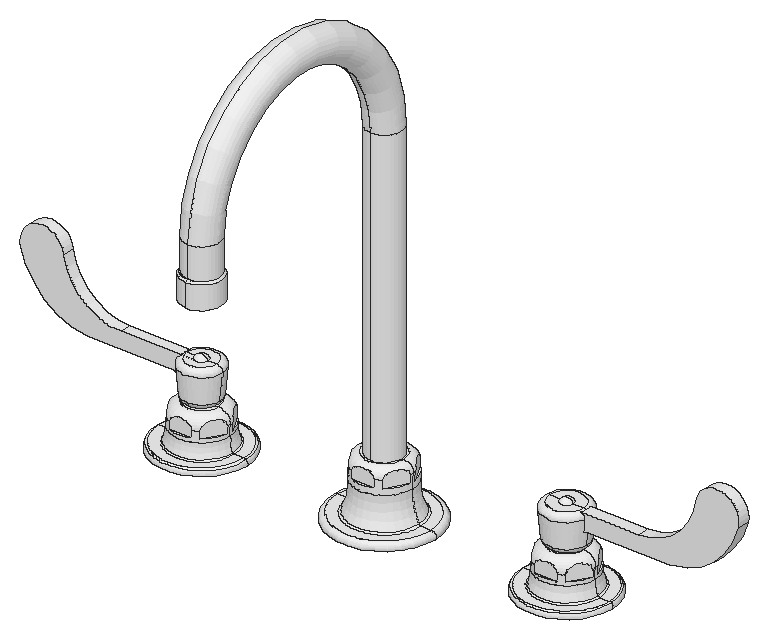
Revit family "Faucet-Lavatory-American_Standard-Monterrey-65401X5_Series", category Plumbing Fixtures, Revit 2019
Family settings
  Round Connector Dimension = Use Diameter
  Part Type = Normal
  OmniClass Number = 23.45.55.17
  OmniClass Title = Mixing Faucets
  Work Plane-Based = Yes
  Always vertical = No
  Cut with Voids When Loaded = No
  Shared = Yes
  Room Calculation Point = No
Parameters (values of type "6540175.002")
  Wrist Blade Handles = not(Lever Handle)  # yes
  Width = 15 3/4"
  Waste Connection = no
  Warranty Information = "5 Year Limited Warranty for Commercial Installations"
  WFU = 0
  Vent Connection = no
  URL = "http://www.americanstandard-us.com/"
  Product Page URL = "https://www.americanstandard-us.com/Mechanical-Commercial-Fittings/Monterrey-8-Inch-Widespread-Gooseneck-Faucet-With-Wrist-Blade-Handles-05-gpm-19-Lpm/CHROME-6540175002"
  Product Documentation Link = "https://americanstandard.box.com/shared/static/qamgblk4q7zzk73vxy4rtvw2tr365lbv.pdf"
  Price = "Prices may vary. Please consult Manufacturer Representative for most up-to-date price list."  # constant formula
  Model = "6540175.002"
  Material = "Brass-American Standard-002-Polished Chrome"
  Manufacturer = "American Standard"
  Lever Handle = no
  Length = 5"
  Installation Type = "Deck Mounted"
  IAPMO Compliance = "Vandal Resistance, ANSI 117.1, ASME A112.18.1, CSA B125.1, NSF 372"
  Hot Water Connection Width = 4"
  Hot Water Connection Radius = 1/4"
  Hot Water Connection Diameter = Hot Water Connection Radius * 2  # 1/2"
  Height = 10 5/8"
  HWFU = 1.5
  HW Connection = yes
  Flow Rate = "0.5 gpm/1.9 Lpm"
  Finish = Brass-American Standard-002-Polished Chrome
  Faucets Width = if(Lever Handle, 2 1/4", 3 7/8")  # 3 7/8"
  Description = "Monterrey® 8-Inch Widespread Gooseneck Faucet With Lever Handles 0.5 gpm/1.9 Lpm"
  Default Elevation = 0"
  Creation Date = "01/25/2021"  # constant formula
  Cold Water Connection Width = 4"
  Cold Water Connection Radius = 1/4"
  Cold Water Connection Diameter = Cold Water Connection Radius * 2  # 1/2"
  CalGreen Compliant = yes
  CWFU = 1.5
  CW Connection = yes
  CEC Compliant = yes
  Assembly Code = "D2020300"
  ADA Compliant = yes
Types (3): name | Wrist Blade Handles | Product Page URL | Model | Lever Handle | Faucets Width
  (no name) | yes | "https://www.americanstandard-us.com/Mechanical-Commercial-Fittings/Monterrey-8-Inch-Widespread-Gooseneck-Faucet-With-Wrist-Blade-Handles-05-gpm-19-Lpm/CHROME-6540175002" | "6540175.002" | no | 3 7/8"
  6540175.002 | yes | "https://www.americanstandard-us.com/Mechanical-Commercial-Fittings/Monterrey-8-Inch-Widespread-Gooseneck-Faucet-With-Wrist-Blade-Handles-05-gpm-19-Lpm/CHROME-6540175002" | "6540175.002" | no | 3 7/8"
  6540145.002 | no | "https://www.americanstandard-us.com/Mechanical-Commercial-Fittings/Monterrey-8-Inch-Widespread-Gooseneck-Faucet-With-Lever-Handles-05-gpm-19-Lpm/CHROME-6540145002" | "6540145.002" | yes | 2 1/4"
Reference planes (in)
  plane 1 "Center (Front/Back)": y = 0
  plane 2: z = 0
  plane 3 "Center (Left/Right)": x = 0
  plane 4: z = 0.17426
  plane 5: y = -0.375
  plane 6: y = -5
  plane 7: z = 10.625
  plane 8: z = 6.5
  plane 9: x = -7.875
  plane 10: x = 7.875
  plane 11: x = -4
  plane 12: x = 4
  plane 13: x = -6.25
  plane 14: x = 6.25
Forms (in)
  Sweep 1, solid, material "Brass-American Standard-002-Polished Chrome" <- "Finish"
    path origin (0, 0, -1.50506) x (0, 1, 0) y (0, 0, 1)
      loop
        line (0, 1.50506) -> (0, 9.25509)
        arc (0, 9.25509) -> (-2.5, 11.75509) -> (-5, 9.25509) r 2.5
        line (-5, 9.25509) -> (-5, 8.24965)
    profile origin (0, 0, 3.87501) x (0, -1, 0) y (1, 0, 0)
      loop
        circle (0, 0) r 0.375
  Revolve 2, solid, material "Brass-American Standard-002-Polished Chrome" <- "Finish"
    sketch origin (0, 4.5, -0.45291) x (0, 1, 0) y (0, 0, 1)
      loop
        line (-9.92726, 7.48224) -> (-9.92726, 6.98147) -> (-9.88892, 6.98147) -> (-9.86892, 6.95291) -> (-9.5, 6.95291) -> (-9.5, 7.53052) -> (-9.89345, 7.53052) -> (-9.92726, 7.48224)
      axis (-9.5, 7.53052) -> (-9.5, 6.95291)
    angle from 0 to 360
  Revolve 3, solid, material "Brass-American Standard-002-Polished Chrome" <- "Finish"
    sketch origin (0, 0, 0) x (1, 0, 0) y (0, 0, 1)
      loop
        arc (-4, 1.83383) -> (-4.07786, 1.81554) -> (-4.13264, 1.75726) r 0.13852
        line (-4.13264, 1.75726) -> (-4.32791, 1.75726)
        arc (-4.32791, 1.75726) -> (-4.42046, 1.71627) -> (-4.45232, 1.62019) r 0.125
        line (-4.45232, 1.62019) -> (-4.39778, 1.05773)
        arc (-4.39778, 1.05773) -> (-4.36565, 0.99373) -> (-4.29886, 0.96794) r 0.09938
        line (-4.29886, 0.96794) -> (-4.17228, 0.96794) -> (-4.17228, 0.93) -> (-4.37285, 0.93)
        arc (-4.37285, 0.93) -> (-4.55339, 0.85294) -> (-4.62262, 0.66927) r 0.25
        line (-4.62262, 0.66927) -> (-4.62262, 0.45123)
        arc (-4.62262, 0.45123) -> (-4.63393, 0.29335) -> (-4.67809, 0.14135) r 0.75054
        arc (-4.67809, 0.14135) -> (-4.69026, 0.12642) -> (-4.70868, 0.12081) r 0.03305
        line (-4.70868, 0.12081) -> (-4.93222, 0.12081)
        arc (-4.93222, 0.12081) -> (-4.95678, 0.11465) -> (-4.97552, 0.09763) r 0.05203
        arc (-4.97552, 0.09763) -> (-4.99619, 0.05093) -> (-5, 0) r 0.15007
        line (-5, 0) -> (-4, 0) -> (-4, 1.83383)
      axis (-4, 1.83383) -> (-4, 0)
    angle from 0 to 360
  Revolve 4, solid, material "Brass-American Standard-002-Polished Chrome" <- "Finish"
    sketch origin (0, 0, 0) x (1, 0, 0) y (0, 0, 1)
      loop
        line (0, 0) -> (0, 1.32462) -> (-0.42891, 1.32462)
        arc (-0.42891, 1.32462) -> (-0.57144, 1.26558) -> (-0.63047, 1.12306) r 0.20156
        line (-0.63047, 1.12306) -> (-0.63047, 0.82462)
        arc (-0.63047, 0.82462) -> (-0.6371, 0.48749) -> (-0.74767, 0.16894) r 1.07672
        arc (-0.74767, 0.16894) -> (-0.76643, 0.14925) -> (-0.79265, 0.142) r 0.05102
        line (-0.79265, 0.142) -> (-1.02139, 0.142)
        arc (-1.02139, 0.142) -> (-1.10807, 0.09688) -> (-1.12082, 0) r 0.10581
        line (-1.12082, 0) -> (0, 0)
      axis (0, 1.32462) -> (0, 0)
    angle from 0 to 360
  Extrusion 5, void
    sketch origin (0, 0, 0) x (1, 0, 0) y (0, 1, 0)
      loop
        line (-0.66376, 0) -> (-0.33188, -0.57483) -> (0.33188, -0.57483) -> (0.66376, 0) -> (0.33188, 0.57483) -> (-0.33188, 0.57483) -> (-0.66376, 0)
      loop
        circle (0, 0) r 0.75
    from 0.957 to 1.38415
  Extrusion 6, void
    sketch origin (0, 0, 0) x (1, 0, 0) y (0, 1, 0)
      loop
        line (-3.34125, 0) -> (-3.67062, 0.5705) -> (-4.32938, 0.5705) -> (-4.65875, 0) -> (-4.32938, -0.5705) -> (-3.67062, -0.5705) -> (-3.34125, 0)
      loop
        circle (-4, 0) r 0.70724
    from 0.93221 to 0.524
  Revolve 7, solid, material "Brass-American Standard-002-Polished Chrome" <- "Finish"
    sketch origin (0, 0, 0) x (-1, 0, 0) y (0, 0, -1)
      loop
        line (-4, -1.83383) -> (-4, 0) -> (-5, 0)
        arc (-5, 0) -> (-4.99573, -0.05273) -> (-4.97342, -0.1007) r 0.15007
        arc (-4.97342, -0.1007) -> (-4.95652, -0.11548) -> (-4.93471, -0.12081) r 0.04731
        line (-4.93471, -0.12081) -> (-4.71299, -0.12081)
        arc (-4.71299, -0.12081) -> (-4.6909, -0.12757) -> (-4.67638, -0.14555) r 0.03946
        arc (-4.67638, -0.14555) -> (-4.63353, -0.29558) -> (-4.62262, -0.45123) r 0.75054
        line (-4.62262, -0.45123) -> (-4.62262, -0.66927)
        arc (-4.62262, -0.66927) -> (-4.55339, -0.85294) -> (-4.37285, -0.93) r 0.25
        line (-4.37285, -0.93) -> (-4.17228, -0.93) -> (-4.17228, -0.96794) -> (-4.34595, -0.96794)
        arc (-4.34595, -0.96794) -> (-4.41275, -0.99373) -> (-4.44487, -1.05773) r 0.09938
        line (-4.44487, -1.05773) -> (-4.49942, -1.62019)
        arc (-4.49942, -1.62019) -> (-4.46756, -1.71627) -> (-4.375, -1.75726) r 0.125
        line (-4.375, -1.75726) -> (-4.13264, -1.75726)
        arc (-4.13264, -1.75726) -> (-4.07786, -1.81554) -> (-4, -1.83383) r 0.13852
      axis (-4, -1.83383) -> (-4, 0)
    angle from 0 to 360
  Extrusion 8, void
    sketch origin (0, 0, 0) x (-1, 0, 0) y (0, -1, 0)
      loop
        line (-3.34125, 0) -> (-3.67062, 0.5705) -> (-4.32938, 0.5705) -> (-4.65875, 0) -> (-4.32938, -0.5705) -> (-3.67062, -0.5705) -> (-3.34125, 0)
      loop
        circle (-4, 0) r 0.70724
    from 0.93221 to 0.524
  Extrusion 9, solid, material "Brass-American Standard-002-Polished Chrome" <- "Finish", visible <- "Wrist Blade Handles"
    sketch origin (0, 0, 0) x (1, 0, 0) y (0, 0, 1)
      loop
        line (-6.34938, 1.40079) -> (-4.62072, 1.40079)
        arc (-4.62072, 1.40079) -> (-4.38259, 1.34362) -> (-4.19638, 1.18458) r 0.52452
        line (-4.19638, 1.18458) -> (-4, 1.18458) -> (-4, 1.7507) -> (-5.68129, 1.7507)
        arc (-5.68129, 1.7507) -> (-6.5006, 2.05665) -> (-6.91884, 2.82474) r 1.25
        arc (-6.91884, 2.82474) -> (-7.48647, 3.2287) -> (-7.86079, 2.64111) r 0.48048
        arc (-7.86079, 2.64111) -> (-7.33208, 1.78814) -> (-6.40534, 1.40311) r 1.63938
        arc (-6.40534, 1.40311) -> (-6.37739, 1.40137) -> (-6.34938, 1.40079) r 0.67731
    from -0.125 to 0.125
  Extrusion 10, solid, material "Brass-American Standard-002-Polished Chrome" <- "Finish", visible <- "Wrist Blade Handles"
    sketch origin (0, 0, 0) x (-1, 0, 0) y (0, 0, -1)
      loop
        arc (-6.34938, -1.40079) -> (-6.37739, -1.40137) -> (-6.40534, -1.40311) r 0.67731
        arc (-6.40534, -1.40311) -> (-7.33208, -1.78814) -> (-7.86079, -2.64111) r 1.63938
        arc (-7.86079, -2.64111) -> (-7.48647, -3.2287) -> (-6.91884, -2.82474) r 0.48048
        arc (-6.91884, -2.82474) -> (-6.5006, -2.05665) -> (-5.68129, -1.7507) r 1.25
        line (-5.68129, -1.7507) -> (-4, -1.7507) -> (-4, -1.18458) -> (-4.19638, -1.18458)
        arc (-4.19638, -1.18458) -> (-4.38259, -1.34362) -> (-4.62072, -1.40079) r 0.52452
        line (-4.62072, -1.40079) -> (-6.34938, -1.40079)
    from -0.125 to 0.125
  Revolve 11, solid, material "Brass-American Standard-002-Polished Chrome" <- "Finish", not visible
    sketch origin (0, 4.5, -0.45291) x (0, 1, 0) y (0, 0, 1)
      loop
        line (-9.92726, 7.48224) -> (-9.92726, 6.98147) -> (-9.88892, 6.98147) -> (-9.86892, 6.95291) -> (-9.5, 6.95291) -> (-9.5, 7.53052) -> (-9.89345, 7.53052) -> (-9.92726, 7.48224)
      axis (-9.5, 7.53052) -> (-9.5, 6.95291)
    angle from 0 to 360
  Extrusion 12, solid, material "Brass-American Standard-002-Polished Chrome" <- "Finish", visible <- "Lever Handle"
    sketch origin (0, 0, 0) x (1, 0, 0) y (0, 0, 1)
      loop
        line (-4, 1.7507) -> (-6.25, 1.7507)
        arc (-6.25, 1.7507) -> (-5.77908, 1.32991) -> (-5.14872, 1.29142) r 0.96287
        arc (-5.14872, 1.29142) -> (-4.67357, 1.3198) -> (-4.22933, 1.14887) r 1.12333
        line (-4.22933, 1.14887) -> (-4, 1.14887) -> (-4, 1.7507)
      loop
        line (4, 1.7507) -> (4, 1.14887) -> (4.22933, 1.14887)
        arc (4.22933, 1.14887) -> (4.67357, 1.3198) -> (5.14872, 1.29142) r 1.12333
        arc (5.14872, 1.29142) -> (5.77908, 1.32991) -> (6.25, 1.7507) r 0.96287
        line (6.25, 1.7507) -> (4, 1.7507)
    from -0.125 to 0.125
Cuts and joins
  Extrusion 6 cuts Revolve 3
  Extrusion 5 cuts Revolve 4
  Extrusion 8 cuts Revolve 7
  joined: Sweep 1, Revolve 3, Revolve 4, Revolve 7
Lines and regions (in)
  Masking region 1
    outline origin (0, 0, 0) x (1, 0, 0) y (0, 1, 0)
      loop
        line (-4.99216, 0.125) -> (-7.875, 0.125) -> (-7.875, -0.125) -> (-4.99216, -0.125)
        arc (-4.99216, -0.125) -> (-3, 0) -> (-4.99216, 0.125) r 1
      loop
        line (7.875, 0.125) -> (4.99216, 0.125)
        arc (4.99216, 0.125) -> (3, 0) -> (4.99216, -0.125) r 1
        line (4.99216, -0.125) -> (7.875, -0.125) -> (7.875, 0.125)
      loop
        line (-0.37856, -1.05496) -> (-0.37856, -4.89278)
        arc (-0.37856, -4.89278) -> (0, -5.39345) -> (0.37856, -4.89278) r 0.39345
        line (0.37856, -4.89278) -> (0.37856, -1.05496)
        arc (0.37856, -1.05496) -> (0, 1.12082) -> (-0.37856, -1.05496) r 1.12082
  Masking region 2
    outline origin (0, 0, 0) x (1, 0, 0) y (0, 1, 0)
      loop
        arc (0.37856, -4.5327) -> (0, -5.6014) -> (-0.37856, -4.5327) r 0.6014
        line (-0.37856, -4.5327) -> (-0.37856, -4.89278)
        arc (-0.37856, -4.89278) -> (0, -5.39345) -> (0.37856, -4.89278) r 0.39345
        line (0.37856, -4.89278) -> (0.37856, -4.5327)
  Masking region 3, not visible
    outline origin (0, 0, 0) x (1, 0, 0) y (0, 1, 0)
      loop
        arc (0.37856, -4.80191) -> (0, -5.42726) -> (-0.37856, -4.80191) r 0.42726
        line (-0.37856, -4.80191) -> (-0.37856, -4.89278)
        arc (-0.37856, -4.89278) -> (0, -5.39345) -> (0.37856, -4.89278) r 0.39345
        line (0.37856, -4.89278) -> (0.37856, -4.80191)
  symbolic lines, detail levels fine
    curve 1: circle (-4, 0, 0) r 0.13264 normal (0, 0, -1)
    curve 3: arc (-0.37856, -0.50417, 0) -> (0.00635, 0.63044, 0) -> (0.36833, -0.51169, 0) r 0.63047
    curve 7: circle (4, 0, 0) r 0.13264 normal (0, 0, 1)
    curve 10: arc (4.67538, 0.125, 0) -> (3.31315, 0, 0) -> (4.67538, -0.125, 0) r 0.68685
    curve 13: arc (-4.67538, 0.125, 0) -> (-3.31315, 0, 0) -> (-4.67538, -0.125, 0) r 0.68685
  symbolic lines, detail levels medium+fine
    curve 2: arc (0.37856, -0.66199, 0) -> (0, 0.76259, 0) -> (-0.37856, -0.66199, 0) r 0.76259
    curve 4: arc (-0.37856, 0, 0) -> (0, 0.37856, 0) -> (0.37856, 0, 0) r 0.37856
    curve 5: line (0.37856, 0, 0) -> (0.37856, -1.05496, 0)
    curve 6: line (-0.37856, 0, 0) -> (-0.37856, -1.05496, 0)
    curve 8: line (4.99216, 0.125, 0) -> (4.43532, 0.125, 0)
    curve 9: line (4.99216, -0.125, 0) -> (4.43532, -0.125, 0)
    curve 11: line (-4.99216, 0.125, 0) -> (-4.43532, 0.125, 0)
    curve 12: line (-4.99216, -0.125, 0) -> (-4.43532, -0.125, 0)
    curve 14: arc (-4.43532, -0.125, 0) -> (-3.54709, 0, 0) -> (-4.43532, 0.125, 0) r 0.45291
    curve 15: arc (4.43532, -0.125, 0) -> (3.54709, 0, 0) -> (4.43532, 0.125, 0) r 0.45291
    curve 16: line (-0.37856, -4.5327, 0) -> (-0.37856, -4.89278, 0)
    curve 17: line (0.37856, -4.5327, 0) -> (0.37856, -4.89278, 0)
Dimensions and locks (in)
  "Height": plane 7 to level
  "Length": plane 1 "Center (Front/Back)" to plane 6
  "Width": plane 10 to plane 9
  plane 10 to plane 12 = 3 7/8"
  plane 11 to plane 9 = 3 7/8"
  "Hot Water Connection Width": plane 3 "Center (Left/Right)" to plane 11
  "Cold Water Connection Width": plane 12 to plane 3 "Center (Left/Right)"
  locked: plane 7 to Sweep 1 sketch curve at 0.37498
  locked: Sweep 1 sketch curve to plane 8 at 0.24459
  plane 8 to level = 6 1/2"
  locked: plane 6 to Revolve 2 sketch curve at 0.42726
  locked: plane 6 to Revolve 11 sketch curve at 0.42726
  "Faucets Width": plane 12 to Masking region 1 sketch curve
  "Faucets Width": Masking region 1 sketch curve to plane 11
  plane 11 to plane 13 = 2 1/4"
  plane 14 to plane 12 = 2 1/4"
  aligned and locked: Revolve 3 sketch curve to Revolve 3 sketch curve
  aligned and locked: Revolve 7 sketch curve to Revolve 7 sketch curve
  aligned and locked: Sweep 1 sketch curve to plane 6
  aligned and locked: plane 1 "Center (Front/Back)" to Sweep 1 sketch curve
  aligned and locked: Revolve 2 sketch curve to plane 6  (x2)
  aligned and locked: Masking region 1 to curve 16
  aligned and locked: curve 17 to Masking region 1
  aligned and locked: Masking region 2 sketch curve to Masking region 1
  aligned and locked: Masking region 2 sketch curve to curve 17
  aligned and locked: Masking region 2 sketch curve to curve 16
  aligned and locked: Revolve 11 sketch curve to plane 6  (x2)
  aligned and locked: plane 8 to Revolve 11 sketch curve
  aligned and locked: Revolve 11 sketch curve to Revolve 2  (x2)
  aligned and locked: Masking region 3 sketch curve to Revolve 2
  aligned and locked: curve 16 to Masking region 3 sketch curve
  aligned and locked: curve 17 to Masking region 3 sketch curve
  aligned and locked: Masking region 3 sketch curve to Masking region 2
Automatic sketch dimensions
  curve 1 to curve 13 = 0"  (x2)
  curve 1 to curve 14 = 0"  (x2)
  curve 2 to curve 3 = 0"  (x2)
  curve 2 to curve 4 = 0"  (x2)
  curve 3 to curve 4 = 0"  (x2)
  curve 7 to curve 10 = 0"  (x2)
  curve 7 to curve 15 = 0"  (x2)
  curve 10 to curve 15 = 0"  (x2)
  curve 13 to curve 14 = 0"  (x2)
  plane 1 "Center (Front/Back)" to curve 14 = 0"
  curve 14 to plane 11 = 0"
  plane 1 "Center (Front/Back)" to curve 4 = 0"
  curve 3 to plane 3 "Center (Left/Right)" = 0"
  plane 1 "Center (Front/Back)" to curve 7 = 0"
  curve 7 to plane 12 = 0"
  curve 11 to plane 1 "Center (Front/Back)" = 1/8"
  curve 11 to plane 11 = 0.43532"
  plane 1 "Center (Front/Back)" to curve 12 = 1/8"
  curve 6 to curve 2 = 0.37856"
  curve 8 to plane 1 "Center (Front/Back)" = 1/8"
  plane 12 to curve 8 = 0.43532"
  plane 1 "Center (Front/Back)" to curve 9 = 1/8"
  curve 13 to curve 14 = 0.24006"
  curve 11 to curve 13 = 0.31678"
  curve 12 to curve 11 = 0"
  curve 3 to curve 2 = 0.01023"
  curve 8 to curve 10 = 0.24006"
  curve 10 to curve 8 = 0.31678"
  curve 9 to curve 8 = 0"
  curve 3 to curve 4 = 0.50417"
  curve 2 to curve 3 = 0.1503"
  curve 6 to curve 2 = 0.39297"
  curve 5 to curve 2 = 0.39297"
  curve 17 to plane 6 = 0.4673"
  curve 16 to plane 6 = 0.4673"
  curve 16 to plane 6 = 0.10722"
  curve 17 to plane 6 = 0.10722"
  Sweep 1 sketch curve to level = 0"
  Sweep 1 sketch curve to profile plane = 0"  (x2)
  Revolve 2 sketch curve to plane 8 = 0"
  Revolve 2 sketch curve to Revolve 2 sketch curve = 0.0338"
  plane 8 to Revolve 2 sketch curve = 0.02857"
  Revolve 2 sketch curve to Revolve 2 sketch curve = 0.03834"
  Revolve 2 sketch curve to Revolve 2 sketch curve = 0.02"
  Revolve 2 sketch curve to Revolve 2 sketch curve = 0.50077"
  Revolve 2 sketch curve to Revolve 2 sketch curve = 0.04828"
  Revolve 2 sketch curve to plane 8 = 1.85153"
  Revolve 2 sketch curve to Revolve 2 sketch curve = 0.17914"
  Revolve 3 sketch curve to level = 0"
  Revolve 3 sketch curve to plane 11 = 0"
  Revolve 3 sketch curve to plane 11 = 0.00861"
  Revolve 3 sketch curve to plane 11 = 0.13264"
  Revolve 3 sketch curve to plane 11 = 0.17228"
  Revolve 3 sketch curve to Revolve 3 sketch curve = 0.12658"
  Revolve 3 sketch curve to Revolve 3 sketch curve = 0.19527"
  Revolve 3 sketch curve to Revolve 3 sketch curve = 0.07399"
  Revolve 3 sketch curve to Revolve 3 sketch curve = 0.09892"
  Revolve 3 sketch curve to Revolve 3 sketch curve = 0.12442"
  Revolve 3 sketch curve to Revolve 3 sketch curve = 0.24977"
  level to Revolve 3 sketch curve = 0.12081"
  Revolve 3 sketch curve to Revolve 3 sketch curve = 0.08606"
  level to Revolve 3 sketch curve = 0.01443"
  Revolve 3 sketch curve to Revolve 3 sketch curve = 0.14195"
  Revolve 3 sketch curve to Revolve 3 sketch curve = 0.08159"
  Revolve 3 sketch curve to Revolve 3 sketch curve = 0.06778"
  Revolve 3 sketch curve to Revolve 3 sketch curve = 0.4405"
  Revolve 3 sketch curve to Revolve 3 sketch curve = 0.05203"
  Revolve 3 sketch curve to Revolve 3 sketch curve = 0.03305"
  level to Revolve 3 sketch curve = 0.42558"
  Revolve 3 sketch curve to Revolve 3 sketch curve = 0.29736"
  Revolve 3 sketch curve to Revolve 3 sketch curve = 0.21804"
  Revolve 3 sketch curve to Revolve 3 sketch curve = 0.01074"
  Revolve 3 sketch curve to Revolve 3 sketch curve = 0.03794"
  Revolve 3 sketch curve to Revolve 3 sketch curve = 0.12773"
  Revolve 3 sketch curve to Revolve 3 sketch curve = 0.56246"
  Revolve 3 sketch curve to Revolve 3 sketch curve = 0.01207"
  Revolve 3 sketch curve to Revolve 3 sketch curve = 0.06167"
  Revolve 3 sketch curve to level = 0.17825"
  Revolve 3 sketch curve to Revolve 3 sketch curve = 0.45282"
  Revolve 4 sketch curve to level = 0"
  Revolve 4 sketch curve to plane 3 "Center (Left/Right)" = 0"  (x2)
  Revolve 4 sketch curve to plane 3 "Center (Left/Right)" = 0.42891"
  Revolve 4 sketch curve to Revolve 4 sketch curve = 0.20156"
  Revolve 4 sketch curve to plane 4 = 0.01876"
  Revolve 4 sketch curve to Revolve 4 sketch curve = 0.16218"
  level to Revolve 4 sketch curve = 0.03619"
  Revolve 4 sketch curve to Revolve 4 sketch curve = 0.22874"
  Revolve 4 sketch curve to Revolve 4 sketch curve = 0.09943"
  Revolve 4 sketch curve to plane 4 = 0.50268"
  Revolve 4 sketch curve to Revolve 4 sketch curve = 0.67562"
  Revolve 4 sketch curve to plane 4 = 0.65036"
  Revolve 4 sketch curve to Revolve 4 sketch curve = 0.29844"
  Revolve 4 sketch curve to level = 0.30223"
  Revolve 4 sketch curve to Revolve 4 sketch curve = 0.12315"
  plane 1 "Center (Front/Back)" to Extrusion 5 sketch curve = 0"  (x3)
  Extrusion 5 sketch curve to plane 3 "Center (Left/Right)" = 0"
  Extrusion 5 sketch curve to plane 3 "Center (Left/Right)" = 0.33188"  (x2)
  Extrusion 5 sketch curve to plane 3 "Center (Left/Right)" = 0.66376"
  plane 3 "Center (Left/Right)" to Extrusion 5 sketch curve = 0.33188"  (x2)
  Extrusion 5 sketch curve to Extrusion 5 sketch curve = 0.33188"
  plane 1 "Center (Front/Back)" to Extrusion 5 sketch curve = 0.57483"
  Extrusion 5 sketch curve to plane 1 "Center (Front/Back)" = 0.57483"
  plane 1 "Center (Front/Back)" to Extrusion 6 sketch curve = 0"  (x3)
  Extrusion 6 sketch curve to plane 11 = 0"
  Extrusion 6 sketch curve to plane 11 = 0.32938"  (x2)
  Extrusion 6 sketch curve to Extrusion 6 sketch curve = 0.32938"  (x2)
  plane 11 to Extrusion 6 sketch curve = 0.32938"  (x2)
  plane 1 "Center (Front/Back)" to Extrusion 6 sketch curve = 0.5705"
  Extrusion 6 sketch curve to plane 1 "Center (Front/Back)" = 0.5705"
  Revolve 7 sketch curve to Revolve 7 sketch curve = 0.17367"
  Revolve 7 sketch curve to Revolve 7 sketch curve = 0.0269"
  Revolve 7 sketch curve to Revolve 7 sketch curve = 0.24236"
  Revolve 7 sketch curve to Revolve 7 sketch curve = 0.09892"
  Revolve 7 sketch curve to Revolve 7 sketch curve = 0.12442"
  Revolve 7 sketch curve to Revolve 7 sketch curve = 0.24977"
  Revolve 7 sketch curve to Revolve 7 sketch curve = 0.09037"
  Revolve 7 sketch curve to Revolve 7 sketch curve = 0.13764"
  Revolve 7 sketch curve to Revolve 7 sketch curve = 0.08408"
  Revolve 7 sketch curve to Revolve 7 sketch curve = 0.06529"
  Revolve 7 sketch curve to Revolve 7 sketch curve = 0.39931"
  Revolve 7 sketch curve to Revolve 7 sketch curve = 0.03946"
  Revolve 7 sketch curve to Revolve 7 sketch curve = 0.29096"
  Revolve 7 sketch curve to Revolve 7 sketch curve = 0.21804"
  Revolve 7 sketch curve to Revolve 7 sketch curve = 0.01074"
  Revolve 7 sketch curve to Revolve 7 sketch curve = 0.03794"
  Revolve 7 sketch curve to Revolve 7 sketch curve = 0.08979"
  Revolve 7 sketch curve to Revolve 7 sketch curve = 0.56246"
  Revolve 7 sketch curve to Revolve 7 sketch curve = 0.01207"
  Revolve 7 sketch curve to Revolve 7 sketch curve = 0.06167"
  Revolve 7 sketch curve to Revolve 7 sketch curve = 0.45282"
  plane 1 "Center (Front/Back)" to Extrusion 8 sketch curve = 0"  (x3)
  Extrusion 8 sketch curve to plane 12 = 0"
  Extrusion 8 sketch curve to plane 12 = 0.32938"  (x2)
  Extrusion 8 sketch curve to Extrusion 8 sketch curve = 0.32938"  (x2)
  plane 12 to Extrusion 8 sketch curve = 0.32938"  (x2)
  Extrusion 8 sketch curve to plane 1 "Center (Front/Back)" = 0.5705"
  plane 1 "Center (Front/Back)" to Extrusion 8 sketch curve = 0.5705"
  Extrusion 9 sketch curve to plane 11 = 0"
  Extrusion 9 sketch curve to plane 11 = 0.19638"
  Extrusion 9 sketch curve to Extrusion 9 sketch curve = 0.42434"
  Extrusion 9 sketch curve to plane 11 = 1.68129"
  Extrusion 9 sketch curve to Extrusion 9 sketch curve = 0.58862"
  Extrusion 9 sketch curve to Extrusion 9 sketch curve = 0.6681"
  plane 9 to Extrusion 9 sketch curve = 123/256"
  level to Extrusion 9 sketch curve = 0.87627"
  Extrusion 9 sketch curve to Extrusion 9 sketch curve = 0.3083"
  Extrusion 9 sketch curve to Extrusion 9 sketch curve = 0.34991"
  Extrusion 9 sketch curve to Extrusion 9 sketch curve = 0.67731"
  Extrusion 9 sketch curve to Extrusion 9 sketch curve = 0.679"
  Extrusion 9 sketch curve to Extrusion 9 sketch curve = 0.9226"
  Extrusion 9 sketch curve to Extrusion 9 sketch curve = 0.03619"
  Extrusion 9 sketch curve to Extrusion 9 sketch curve = 0"  (x2)
  Extrusion 10 sketch curve to Extrusion 10 sketch curve = 0.42434"
  Extrusion 10 sketch curve to Extrusion 10 sketch curve = 0.58862"
  Extrusion 10 sketch curve to Extrusion 10 sketch curve = 0.6681"
  Extrusion 10 sketch curve to Extrusion 10 sketch curve = 0.03619"
  Extrusion 10 sketch curve to Extrusion 10 sketch curve = 0.27978"
  Extrusion 10 sketch curve to Extrusion 10 sketch curve = 0.95878"
  Extrusion 10 sketch curve to Extrusion 10 sketch curve = 0.34991"
  Extrusion 10 sketch curve to Extrusion 10 sketch curve = 0.56612"
  Extrusion 10 sketch curve to Extrusion 10 sketch curve = 0"  (x2)
  Revolve 11 sketch curve to Revolve 11 sketch curve = 0.0338"
  Revolve 11 sketch curve to Revolve 11 sketch curve = 0.03834"
  Revolve 11 sketch curve to Revolve 11 sketch curve = 0.02"
  Revolve 11 sketch curve to Revolve 11 sketch curve = 0.04828"
  Revolve 11 sketch curve to plane 8 = 1.85153"
  Revolve 11 sketch curve to Revolve 11 sketch curve = 0.17914"
  Revolve 7 sketch curve to Revolve 7 sketch curve = 0.02658"
  Revolve 7 sketch curve to Revolve 7 sketch curve = 0.05455"
  Revolve 7 sketch curve to Revolve 7 sketch curve = 0.12403"
  Revolve 7 sketch curve to Revolve 7 sketch curve = 0.71299"
  Revolve 7 sketch curve to Revolve 7 sketch curve = 0.30477"
  Revolve 7 sketch curve to Revolve 7 sketch curve = 0.04731"
  Revolve 7 sketch curve to Revolve 7 sketch curve = 0.14555"
  Revolve 7 sketch curve to Revolve 7 sketch curve = 0.17825"
  Extrusion 10 sketch curve to Extrusion 10 sketch curve = 1.04515"
  Extrusion 10 sketch curve to Extrusion 10 sketch curve = 1.06057"
  Extrusion 10 sketch curve to Extrusion 10 sketch curve = 0.19638"
  Extrusion 10 sketch curve to Extrusion 10 sketch curve = 1 1/4"
  Revolve 7 sketch curve to level = 0"
  Revolve 7 sketch curve to plane 12 = 0"
  Extrusion 10 sketch curve to plane 12 = 0"
  level to Extrusion 10 sketch curve = 3.03689"
  Extrusion 12 sketch curve to plane 11 = 0"
  Extrusion 12 sketch curve to plane 12 = 0"
  Extrusion 12 sketch curve to plane 11 = 0.22933"
  level to Extrusion 12 sketch curve = 0.20973"  (x2)
  Extrusion 12 sketch curve to plane 11 = 0.84569"
  plane 13 to Extrusion 12 sketch curve = 0.84154"
  Extrusion 12 sketch curve to plane 13 = 0"
  plane 12 to Extrusion 12 sketch curve = 0.22933"
  plane 12 to Extrusion 12 sketch curve = 0.84569"
  Extrusion 12 sketch curve to plane 14 = 0.84154"
  plane 14 to Extrusion 12 sketch curve = 0"
  level to Extrusion 12 sketch curve = 1.14887"  (x2)
  Extrusion 12 sketch curve to Extrusion 12 sketch curve = 0.60183"
  level to Extrusion 12 sketch curve = 1.7507"
  Extrusion 12 sketch curve to Extrusion 12 sketch curve = 0.46789"  (x2)
  Masking region 2 sketch curve to Masking region 2 sketch curve = 0"  (x2)
  Masking region 2 sketch curve to Masking region 2 sketch curve = 0.36008"
  plane 1 "Center (Front/Back)" to Masking region 1 sketch curve = 0"  (x3)
  Masking region 1 sketch curve to plane 11 = 0"
  Masking region 1 sketch curve to plane 3 "Center (Left/Right)" = 0"  (x2)
  Masking region 1 sketch curve to plane 12 = 0"
  plane 6 to Masking region 1 sketch curve = 0"
  Masking region 1 sketch curve to plane 1 "Center (Front/Back)" = 1/8"  (x2)
  Masking region 1 sketch curve to plane 11 = 0.99216"
  plane 1 "Center (Front/Back)" to Masking region 1 sketch curve = 1/8"  (x2)
  Masking region 1 sketch curve to plane 3 "Center (Left/Right)" = 0.37856"
  Masking region 1 sketch curve to plane 6 = 0.10722"
  plane 3 "Center (Left/Right)" to Masking region 1 sketch curve = 0.37856"
  plane 12 to Masking region 1 sketch curve = 0.99216"
  plane 1 "Center (Front/Back)" to Masking region 1 sketch curve = 1.05496"
  radius of curve 1 = 0.13264"
  radius of curve 7 = 0.13264"
  radius of Sweep 1 sketch curve = 3/8"
  radius of Extrusion 5 sketch curve = 3/4"
  radius of Extrusion 6 sketch curve = 0.70724"
  radius of Extrusion 8 sketch curve = 0.70724"
Connectors (in)
  piping at (-4, 0, 0), diameter 0.5, driven by "Hot Water Connection Diameter", driven by "HWFU"
    settings: on cut or joined group of Sweep 1, Revolve 3, Revolve 4, Extrusion 5, Extrusion 6, Revolve 7, Extrusion 8, index 1, connector inside diameter 24", connector length 0", flow factor 0, pipe flow 0 GPM, pressure drop 0.00 psi, fitting loss kfactor 0, connector angle 0.00°, fixture units 1.5, engagement length 0", angle of deflection 0.00°, flow configuration 3, flow direction 1, fitting loss method 0, system type 19, joint type 0, gender type 0, connector reference index -1, connector utility 0, adjustable connector no, is connector primary yes, connector description "1/2\" NPSM HW Supply Inlet"
  piping at (4, 0, 0), diameter 0.5, driven by "Cold Water Connection Diameter", driven by "CWFU"
    settings: on cut or joined group of Sweep 1, Revolve 3, Revolve 4, Extrusion 5, Extrusion 6, Revolve 7, Extrusion 8, index 2, connector inside diameter 24", connector length 0", flow factor 0, pipe flow 0 GPM, pressure drop 0.00 psi, fitting loss kfactor 0, connector angle 0.00°, fixture units 1.5, engagement length 0", angle of deflection 0.00°, flow configuration 3, flow direction 1, fitting loss method 0, system type 20, joint type 0, gender type 0, connector reference index -1, connector utility 0, adjustable connector no, is connector primary no, connector description "1/2\" NPSM CW Supply Inlet"
